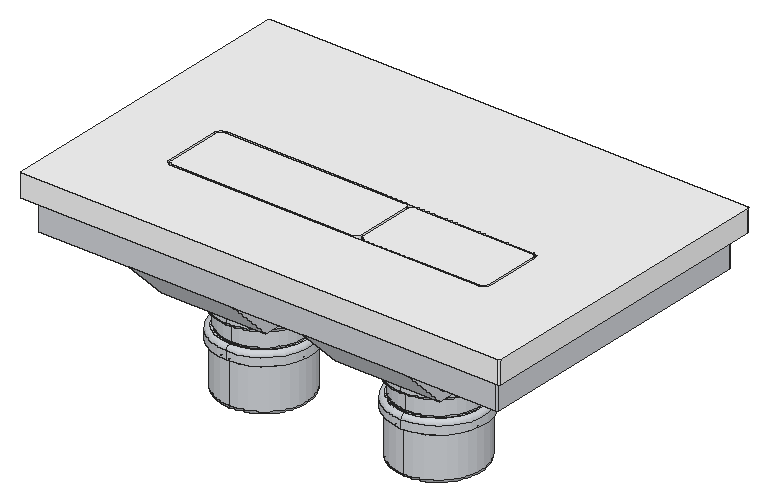
Revit family "Reece_Cistern Buttons_Hideaway_Plus_Cistern Button and Plate", category Plumbing Fixtures, host Face, Revit 2018
Family settings
  Host = Face
  Round Connector Dimension = Use Diameter
  Part Type = Normal
  Cut with Voids When Loaded = No
  Shared = Yes
  Room Calculation Point = Yes
Parameters (values of type "Chrome")
  Waste Connection = no
  WFU = 0  # constant formula
  Vent Connection = no
  URL = "https://www.reece.com.au/product/-1804856"
  Type Comments = "Cistern Buttons"
  Reece_Product_Web Page = "https://www.reece.com.au/product/-1804856"
  Reece_Product_Type = "Cistern Buttons"  # constant formula
  Reece_Product_Sub Brand = "Plus"  # constant formula
  Reece_Product_Number = "1804856"
  Reece_Product_Mount = "Wall Mounted"
  Reece_Product_Description = "Hideaway+ Rectangle Button / Plate Inwall Metal Chrome"
  Reece_Product_Brand = "Hideaway"  # constant formula
  Reece_Overall_Width = 240 mm  # constant formula
  Reece_Overall_Height = 156 mm  # constant formula
  Reece_Material_Main = Reece_Brass_Chrome
  Reece_Detail_Shape = ""
  Reece_Detail_Disclaimer = "THIS FILE IS THE PROPERTY OF THE REECE GROUP. IT MAY NOT BE REPRODUCED, REVERSE-ENGINEERED, OR MODIFIED. ANY REPUBLICATION, TRANSMISSION, OR DISTRIBUTION FOR THE PURPOSE OF COMMERCIALLY EXPLOITING THE FILES IS PROHIBITED."  # constant formula
  Reece_Detail_Additional = "Cistern Button / Plate"  # constant formula
  Model = "Plus"
  Manufacturer = "Hideaway"
  Keynote = "Product #1804856, Reece_Cistern Buttons_Hideaway_Plus_Cistern Button and Plate - Chrome"
  HWFU = 0  # constant formula
  HW Connection = no
  Disclaimer = "THIS FILE IS THE PROPERTY OF THE REECE GROUP. IT MAY NOT BE REPRODUCED, REVERSE-ENGINEERED, OR MODIFIED. ANY REPUBLICATION, TRANSMISSION, OR DISTRIBUTION FOR THE PURPOSE OF COMMERCIALLY EXPLOITING THE FILES IS PROHIBITED."  # constant formula
  Description = "Hideaway+ Rectangle Button / Plate Inwall Metal Chrome"
  Default Elevation = 1000 mm
  CWFU = 0  # constant formula
  CW Connection = no
Types (6, lengths in mm): name | URL | Reece_Product_Web Page | Reece_Product_Number | Reece_Product_Description | Reece_Material_Main | Keynote | Description
  Brushed Gold | "https://www.reece.com.au/product/-1804859" | "https://www.reece.com.au/product/-1804859" | "1804859" | "Hideaway+ Rectangle Button / Plate Inwall Metal Brushed Gold" | Reece_Metal_Brushed_Gold | "Product #1804859, Reece_Cistern Buttons_Hideaway_Plus_Cistern Button and Plate - Brushed Gold" | "Hideaway+ Rectangle Button / Plate Inwall Metal Brushed Gold"
  Brushed Nickel | "https://www.reece.com.au/product/-1804858" | "https://www.reece.com.au/product/-1804858" | "1804858" | "Hideaway+ Rectangle Button / Plate Inwall Metal Brushed Nickel" | Reece_Brass_Brushed Nickel | "Product #1804858, Reece_Cistern Buttons_Hideaway_Plus_Cistern Button and Plate - Brushed Nickel" | "Hideaway+ Rectangle Button / Plate Inwall Metal Brushed Nickel"
  Chrome | "https://www.reece.com.au/product/-1804856" | "https://www.reece.com.au/product/-1804856" | "1804856" | "Hideaway+ Rectangle Button / Plate Inwall Metal Chrome" | Reece_Brass_Chrome | "Product #1804856, Reece_Cistern Buttons_Hideaway_Plus_Cistern Button and Plate - Chrome" | "Hideaway+ Rectangle Button / Plate Inwall Metal Chrome"
  Matte Black | "https://www.reece.com.au/product/-1804857" | "https://www.reece.com.au/product/-1804857" | "1804857" | "Hideaway+ Rectangle Button / Plate Inwall Metal Matte Black" | Reece_Brass_Matte Black | "Product #1804857, Reece_Cistern Buttons_Hideaway_Plus_Cistern Button and Plate - Matte Black" | "Hideaway+ Rectangle Button / Plate Inwall Metal Matte Black"
  Brushed Gunmetal | "https://www.reece.com.au/product/-1804992" | "https://www.reece.com.au/product/-1804992" | "1804992" | "Hideaway+ Rectangle Button / Plate Inwall Metal Brushed Gunmetal" | Reece_Brass_Brushed Gunmetal | "Product #1804992, Reece_Cistern Buttons_Hideaway_Plus_Cistern Button and Plate - Brushed Gunmetal" | "Hideaway+ Rectangle Button / Plate Inwall Metal Brushed Gunmetal"
  Brushed Brass | "https://www.reece.com.au/product/-1805749" | "https://www.reece.com.au/product/-1805749" | "1805749" | "Hideaway+ Rectangle Metal Button Brushed Brass" | Reece_Metal_Brushed Brass | "Product #1805749, Reece_Cistern Buttons_Hideaway_Plus_Cistern Button and Plate - Brushed Brass" | "Hideaway+ Rectangle Metal Button Brushed Brass"
Reference planes
  plane 1 "Center (Front/Back)": y = 0
  plane 2 "Bottom": z = 0
  plane 3 "Center (Left/Right)": x = 0
  plane 4 "Top": z = 11
  plane 5: x = -120
  plane 6: x = 120
  plane 7: y = 78
  plane 8: y = -78
  plane 9: z = -94.2
  plane 10 "Botton1": x = 43.665
  plane 11 "Botton2": x = -43.665
  plane 12: x = -115
  plane 13: x = 115
  plane 14: y = -73
  plane 15: y = 73
Forms (mm)
  Extrusion 1, solid, material "Reece_Brass_Chrome" <- "Reece_Material_Main"
    sketch origin (0, 0, 0) x (1, 0, 0) y (0, 1, 0)
      loop
        arc (-119.2, 78) -> (-119.766, 77.766) -> (-120, 77.2) r 0.8
        line (-120, 77.2) -> (-120, -77.2)
        arc (-120, -77.2) -> (-119.766, -77.766) -> (-119.2, -78) r 0.8
        line (-119.2, -78) -> (119.2, -78)
        arc (119.2, -78) -> (119.766, -77.766) -> (120, -77.2) r 0.8
        line (120, -77.2) -> (120, 77.2)
        arc (120, 77.2) -> (119.766, 77.766) -> (119.2, 78) r 0.8
        line (119.2, 78) -> (-119.2, 78)
    from 0 to 11
  Extrusion 2, void
    sketch origin (0, 0, 0) x (1, 0, 0) y (0, 1, 0)
      loop
        line (-76.897, -36.072) -> (12.863, -36.072)
        arc (12.863, -36.072) -> (14.702, -35.311) -> (15.463, -33.472) r 2.6
        line (15.463, -33.472) -> (15.463, -6.126)
        arc (15.463, -6.126) -> (14.702, -4.288) -> (12.863, -3.526) r 2.6
        line (12.863, -3.526) -> (-76.943, -3.526)
        arc (-76.943, -3.526) -> (-78.749, -4.274) -> (-79.497, -6.081) r 2.554
        line (-79.497, -6.081) -> (-79.497, -33.472)
        arc (-79.497, -33.472) -> (-78.736, -35.311) -> (-76.897, -36.072) r 2.6
      loop
        arc (19.195, -3.526) -> (17.357, -4.288) -> (16.595, -6.126) r 2.6
        line (16.595, -6.126) -> (16.595, -33.472)
        arc (16.595, -33.472) -> (17.357, -35.311) -> (19.195, -36.072) r 2.6
        line (19.195, -36.072) -> (76.332, -36.072)
        arc (76.332, -36.072) -> (78.171, -35.311) -> (78.932, -33.472) r 2.6
        line (78.932, -33.472) -> (78.932, -6.126)
        arc (78.932, -6.126) -> (78.171, -4.288) -> (76.332, -3.526) r 2.6
        line (76.332, -3.526) -> (19.195, -3.526)
      loop
        line (17.991, -2.526) -> (-76.943, -2.526)
        arc (-76.943, -2.526) -> (-79.456, -3.567) -> (-80.497, -6.081) r 3.554
        line (-80.497, -6.081) -> (-80.497, -33.472)
        arc (-80.497, -33.472) -> (-79.443, -36.018) -> (-76.897, -37.072) r 3.6
        line (-76.897, -37.072) -> (1.936, -37.072) -> (76.332, -37.072)
        arc (76.332, -37.072) -> (78.878, -36.018) -> (79.932, -33.472) r 3.6
        line (79.932, -33.472) -> (79.932, -6.126)
        arc (79.932, -6.126) -> (78.878, -3.581) -> (76.332, -2.526) r 3.6
        line (76.332, -2.526) -> (17.991, -2.526)
    from 9.384 to 11
  Extrusion 3, void
    sketch origin (0, -1, 0) x (1, 0, 0) y (0, 1, 0)
      loop
        arc (-114.2, 74) -> (-114.766, 73.766) -> (-115, 73.2) r 0.8
        line (-115, 73.2) -> (-115, -71.2)
        arc (-115, -71.2) -> (-114.766, -71.766) -> (-114.2, -72) r 0.8
        line (-114.2, -72) -> (114.2, -72)
        arc (114.2, -72) -> (114.766, -71.766) -> (115, -71.2) r 0.8
        line (115, -71.2) -> (115, 73.2)
        arc (115, 73.2) -> (114.766, 73.766) -> (114.2, 74) r 0.8
        line (114.2, 74) -> (-114.2, 74)
    from 5.484 to -94.2
  Extrusion 4, solid
    sketch origin (2.5, 0, 0) x (1, 0, 0) y (0, 1, 0)
      loop
        line (-107.5, 63) -> (-107.5, -63) -> (-98.278, -63) -> (-98.278, -37.463) -> (-83.91, -12.576) -> (-83.91, 63) -> (-107.5, 63)
    from -15.736 to -8.281
  Extrusion 5, solid
    sketch origin (0, 0.016, 0) x (1, 0, 0) y (0, 1, 0)
      loop
        arc (-114.2, 72.984) -> (-114.766, 72.75) -> (-115, 72.184) r 0.8
        line (-115, 72.184) -> (-115, -72.216)
        arc (-115, -72.216) -> (-114.766, -72.781) -> (-114.2, -73.016) r 0.8
        line (-114.2, -73.016) -> (114.2, -73.016)
        arc (114.2, -73.016) -> (114.766, -72.781) -> (115, -72.216) r 0.8
        line (115, -72.216) -> (115, 72.184)
        arc (115, 72.184) -> (114.766, 72.75) -> (114.2, 72.984) r 0.8
        line (114.2, 72.984) -> (-114.2, 72.984)
      loop
        line (-105, -63.016) -> (105, -63.016) -> (105, 62.984) -> (-105, 62.984) -> (-105, -63.016)
    from 0 to -15.736
  Extrusion 6, void
    sketch origin (5.625, 0, 0) x (1, 0, 0) y (0, 1, 0)
      loop
        circle (-99.022, 2.683) r 10
    from -15.736 to -8.281
  Extrusion 7, solid
    sketch origin (-2.5, 0, 0) x (-1, 0, 0) y (0, -1, 0)
      loop
        line (-107.5, -63) -> (-83.91, -63) -> (-83.91, 12.576) -> (-98.278, 37.463) -> (-98.278, 63) -> (-107.5, 63) -> (-107.5, -63)
    from -15.736 to -8.281
  Extrusion 8, void
    sketch origin (-5.625, 0, 0) x (-1, 0, 0) y (0, -1, 0)
      loop
        circle (-99.022, -2.683) r 10
    from -15.736 to -8.281
  Extrusion 9, solid
    sketch origin (0, 1.223, -5) x (0, 1, 0) y (0, 0, -1)
      loop
        line (71.777, 0) -> (71.777, 18.346)
        arc (71.777, 18.346) -> (71.075, 20.274) -> (69.298, 21.3) r 3
        line (69.298, 21.3) -> (11.403, 31.509) -> (-53.45, 31.509) -> (-74.223, 10.736) -> (-74.223, 0) -> (-67.394, 0) -> (-67.394, 11.907) -> (-51.793, 27.509) -> (10.253, 27.509) -> (66.771, 17.543) -> (66.771, 0) -> (71.777, 0)
    from -69.559 to -17.5
  Extrusion 10, void
    sketch origin (-3.75, 2.5, -5) x (1, 0, 0) y (0, 1, 0)
      loop
        circle (47.658, -23.239) r 23
    from -43.489 to -19.227
  Revolve 11, solid
    sketch origin (43.665, -4572, -94.015) x (0, 0, -1) y (0, -1, 0)
      loop
        line (-55.323, -4577.356) -> (-55.323, -4574.856) -> (-49.188, -4574.856)
        arc (-49.188, -4574.856) -> (-48.834, -4574.71) -> (-48.688, -4574.356) r 0.5
        line (-48.688, -4574.356) -> (-48.688, -4571.714) -> (-39.509, -4571.714)
        arc (-39.509, -4571.714) -> (-39.13, -4571.549) -> (-38.991, -4571.161) r 0.519
        line (-38.991, -4571.161) -> (-38.991, -4572.491)
        arc (-38.991, -4572.491) -> (-38.345, -4574.061) -> (-36.781, -4574.72) r 2.229
        line (-36.781, -4574.72) -> (-32.906, -4574.754) -> (-32.906, -4573.959)
        arc (-32.906, -4573.959) -> (-32.605, -4573.232) -> (-31.878, -4572.931) r 1.028
        line (-31.878, -4572.931) -> (-11.534, -4572.931)
        arc (-11.534, -4572.931) -> (-10.736, -4572.6) -> (-10.406, -4571.802) r 1.128
        line (-10.406, -4571.802) -> (-10.406, -4551.374) -> (-69.285, -4551.374) -> (-69.285, -4571.714) -> (-57.094, -4571.714) -> (-57.094, -4577.356) -> (-55.323, -4577.356)
      axis (-69.285, -4551.374) -> (-10.406, -4551.374)
    angle from 0 to 360
  Extrusion 12, solid
    sketch origin (0, 1.223, -5) x (0, 1, 0) y (0, 0, 1)
      loop
        line (71.777, 0) -> (66.771, 0) -> (66.771, -17.543) -> (10.253, -27.509) -> (-51.793, -27.509) -> (-67.394, -11.907) -> (-67.394, 0) -> (-74.223, 0) -> (-74.223, -10.736) -> (-53.45, -31.509) -> (11.403, -31.509) -> (69.298, -21.3)
        arc (69.298, -21.3) -> (71.075, -20.274) -> (71.777, -18.346) r 3
        line (71.777, -18.346) -> (71.777, 0)
    from -69.559 to -17.5
  Extrusion 13, void
    sketch origin (3.75, 2.5, -5) x (-1, 0, 0) y (0, -1, 0)
      loop
        circle (47.658, 23.239) r 23
    from -43.489 to -19.227
  Revolve 14, solid
    sketch origin (-43.665, -4572, -94.015) x (0, 0, -1) y (0, -1, 0)
      loop
        line (-55.323, -4577.356) -> (-55.323, -4574.856) -> (-49.188, -4574.856)
        arc (-49.188, -4574.856) -> (-48.834, -4574.71) -> (-48.688, -4574.356) r 0.5
        line (-48.688, -4574.356) -> (-48.688, -4571.714) -> (-39.509, -4571.714)
        arc (-39.509, -4571.714) -> (-39.13, -4571.549) -> (-38.991, -4571.161) r 0.519
        line (-38.991, -4571.161) -> (-38.991, -4572.491)
        arc (-38.991, -4572.491) -> (-38.345, -4574.061) -> (-36.781, -4574.72) r 2.229
        line (-36.781, -4574.72) -> (-32.906, -4574.754) -> (-32.906, -4573.959)
        arc (-32.906, -4573.959) -> (-32.605, -4573.232) -> (-31.878, -4572.931) r 1.028
        line (-31.878, -4572.931) -> (-11.534, -4572.931)
        arc (-11.534, -4572.931) -> (-10.736, -4572.6) -> (-10.406, -4571.802) r 1.128
        line (-10.406, -4571.802) -> (-10.406, -4551.374) -> (-69.285, -4551.374) -> (-69.285, -4571.714) -> (-57.094, -4571.714) -> (-57.094, -4577.356) -> (-55.323, -4577.356)
      axis (-69.285, -4551.374) -> (-10.406, -4551.374)
    angle from 0 to 360
  Revolve 15, solid
    sketch origin (-43.665, -4572, -94.015) x (0, 0, -1) y (0, -1, 0)
      loop
        line (0.193, -4571.432) -> (0.193, -4552.637)
        arc (0.193, -4552.637) -> (-1.755, -4547.94) -> (-6.455, -4545.999) r 6.638
        line (-6.455, -4545.999) -> (-6.455, -4571.999) -> (-0.375, -4571.999)
        arc (-0.375, -4571.999) -> (0.026, -4571.833) -> (0.193, -4571.432) r 0.568
      axis (-6.455, -4545.999) -> (-6.455, -4571.999)
    angle from 0 to 360
  Revolve 16, solid
    sketch origin (-43.665, -4581.376, 106.095) x (0, 0, 1) y (0, -1, 0)
      loop
        line (-194.945, -4585.804) -> (-194.945, -4580.683) -> (-200.11, -4580.683) -> (-200.11, -4582.642)
        arc (-200.11, -4582.642) -> (-199.961, -4583) -> (-199.604, -4583.148) r 0.506
        line (-199.604, -4583.148) -> (-198.512, -4583.148) -> (-198.512, -4584.033) -> (-199.944, -4584.033) -> (-199.944, -4585.804) -> (-194.945, -4585.804)
      axis (-194.945, -4580.683) -> (-194.945, -4585.804)
    angle from 0 to 360
  Revolve 17, void
    sketch origin (-43.682, -4572, 105.678) x (0, 0, 1) y (0, -1, 0)
      loop
        line (-194.543, -4577.318) -> (-194.543, -4566.39) -> (-197.822, -4566.39) -> (-197.822, -4577.318) -> (-194.543, -4577.318)
      axis (-194.543, -4566.39) -> (-194.543, -4577.318)
    angle from 0 to 360
  Revolve 18, solid
    sketch origin (43.665, -4572, -94.015) x (0, 0, -1) y (0, -1, 0)
      loop
        line (0.193, -4571.432) -> (0.193, -4552.637)
        arc (0.193, -4552.637) -> (-1.755, -4547.94) -> (-6.455, -4545.999) r 6.638
        line (-6.455, -4545.999) -> (-6.455, -4571.999) -> (-0.375, -4571.999)
        arc (-0.375, -4571.999) -> (0.026, -4571.833) -> (0.193, -4571.432) r 0.568
      axis (-6.455, -4545.999) -> (-6.455, -4571.999)
    angle from 0 to 360
  Revolve 19, solid
    sketch origin (43.665, -4572, -94.015) x (0, 0, -1) y (0, -1, 0)
      loop
        line (-5.165, -4576.428) -> (-0.166, -4576.428) -> (-0.166, -4574.658) -> (-1.598, -4574.658) -> (-1.598, -4573.772) -> (-0.506, -4573.772)
        arc (-0.506, -4573.772) -> (-0.149, -4573.624) -> (0, -4573.266) r 0.506
        line (0, -4573.266) -> (0, -4571.308) -> (-5.165, -4571.308) -> (-5.165, -4576.428)
      axis (-5.165, -4571.308) -> (-5.165, -4576.428)
    angle from 0 to 360
  Revolve 20, void
    sketch origin (43.682, -4572, 105.678) x (0, 0, 1) y (0, -1, 0)
      loop
        line (-194.543, -4577.318) -> (-194.543, -4566.39) -> (-197.822, -4566.39) -> (-197.822, -4577.318) -> (-194.543, -4577.318)
      axis (-194.543, -4566.39) -> (-194.543, -4577.318)
    angle from 0 to 360
  Revolve 21, solid
    sketch origin (43.665, -4572, -94.015) x (0, 0, -1) y (0, -1, 0)
      loop
        line (-61.466, -4551.015) -> (-61.466, -4543.706) -> (-87.727, -4543.706)
        arc (-87.727, -4543.706) -> (-92.785, -4545.866) -> (-94.72, -4551.015) r 7
        line (-94.72, -4551.015) -> (-61.466, -4551.015)
      axis (-94.72, -4551.015) -> (-61.466, -4551.015)
    angle from 0 to 360
  Revolve 22, solid
    sketch origin (-43.665, -4572, -94.015) x (0, 0, -1) y (0, -1, 0)
      loop
        line (-61.466, -4551.015) -> (-61.466, -4543.706) -> (-87.727, -4543.706)
        arc (-87.727, -4543.706) -> (-92.785, -4545.866) -> (-94.72, -4551.015) r 7
        line (-94.72, -4551.015) -> (-61.466, -4551.015)
      axis (-94.72, -4551.015) -> (-61.466, -4551.015)
    angle from 0 to 360
  Extrusion 23, void
    sketch origin (4, 0, -94.673) x (1, 0, 0) y (0, 1, 0)
      loop
        arc (-118.2, 73) -> (-118.766, 72.766) -> (-119, 72.2) r 0.8
        line (-119, 72.2) -> (-119, -72.2)
        arc (-119, -72.2) -> (-118.766, -72.766) -> (-118.2, -73) r 0.8
        line (-118.2, -73) -> (110.2, -73)
        arc (110.2, -73) -> (110.766, -72.766) -> (111, -72.2) r 0.8
        line (111, -72.2) -> (111, 72.2)
        arc (111, 72.2) -> (110.766, 72.766) -> (110.2, 73) r 0.8
        line (110.2, 73) -> (-118.2, 73)
    from 94.673 to 0.473
Cuts and joins
  Extrusion 2, Extrusion 8 cuts Extrusion 1
  Extrusion 6, Extrusion 8 cuts Extrusion 4
  Extrusion 8 cuts Extrusion 7
  Extrusion 10, Extrusion 13 cuts Extrusion 5
  Extrusion 10, Extrusion 13 cuts Extrusion 9
  Extrusion 13 cuts Revolve 11
  Extrusion 13 cuts Extrusion 12
  Revolve 17 cuts Revolve 15
  Revolve 17 cuts Revolve 16
  Revolve 20 cuts Revolve 18
  Revolve 20 cuts Revolve 19
  joined: Extrusion 5, Extrusion 9, Revolve 11, Extrusion 12, Revolve 14, Revolve 15, Revolve 16, Revolve 18, Revolve 19, Revolve 21, Revolve 22
Text (mm)
  text "Reece Copyright © 2018, Reece Ltd." at (60.751, -237.255, 0), in view "Ref. Level"
  text "Reece ©" at (42.688, 193.041, 128.132), in view "Reece Preview"
Dimensions and locks
  "Reece_Overall_Width": plane 5 to plane 6
  "Reece_Overall_Height": plane 8 to plane 7
  plane 4 "Top" to host face = 11 mm  (x3)
  plane 7 to plane 8 = 156 mm
  plane 2 "Bottom" to plane 9 = 94.2 mm  (x2)
  host face to plane 9 = 94.2 mm
  plane 6 to plane 5 = 240 mm
  plane 5 to plane 6 = 240 mm
  host face to plane 4 "Top" = 11 mm
  plane 9 to plane 2 "Bottom" = 94.2 mm
  plane 8 to plane 7 = 156 mm
  locked: plane 13 to plane 6 at 5
  locked: plane 5 to plane 12 at 5
  locked: plane 7 to plane 15 at 5
  locked: plane 8 to plane 14 at 5
  aligned and locked: plane 2 "Bottom" to host face
  aligned and locked: level to host face
  aligned and locked: plane 5 to Extrusion 1 sketch curve
  aligned and locked: Extrusion 1 sketch curve to plane 8
  aligned and locked: Extrusion 1 sketch curve to plane 7
  aligned and locked: plane 6 to Extrusion 1 sketch curve
  aligned and locked: plane 4 "Top" to Extrusion 1
  aligned and locked: plane 4 "Top" to Extrusion 2
  aligned and locked: Extrusion 23 to plane 9
  aligned and locked: level to Extrusion 23
  aligned and locked: Extrusion 23 to cut or joined group 1 (Extrusion 5, Extrusion 9, Extrusion 10, Revolve 11, Extrusion 12, Extrusion 13, Revolve 14, Revolve 15, Revolve 16, Revolve 17, Revolve 18, Revolve 19, Revolve 20, Revolve 21, Revolve 22)  (x3)
  aligned and locked: cut or joined group 1 to Extrusion 23
Automatic sketch dimensions
  host sketch curve to host sketch curve = 380.785 mm
  host sketch curve to host sketch curve = 317.421 mm
  plane 5 to Extrusion 1 sketch curve = 0.8 mm
  Extrusion 1 sketch curve to Extrusion 1 sketch curve = 0.8 mm
  plane 6 to Extrusion 1 sketch curve = 0.8 mm  (x2)
  Extrusion 2 sketch curve to Extrusion 2 sketch curve = 0 mm  (x8)
  Extrusion 2 sketch curve to plane 12 = 34.503 mm
  Extrusion 2 sketch curve to Extrusion 2 sketch curve = 1 mm  (x2)
  Extrusion 2 sketch curve to Extrusion 2 sketch curve = 2.554 mm
  Extrusion 2 sketch curve to Extrusion 2 sketch curve = 2.6 mm  (x4)
  plane 3 "Center (Left/Right)" to Extrusion 2 sketch curve = 1.936 mm
  plane 1 "Center (Front/Back)" to Extrusion 2 sketch curve = 6.126 mm  (x2)
  plane 3 "Center (Left/Right)" to Extrusion 2 sketch curve = 12.863 mm
  Extrusion 2 sketch curve to Extrusion 2 sketch curve = 10.927 mm
  Extrusion 2 sketch curve to Extrusion 2 sketch curve = 1.132 mm
  Extrusion 2 sketch curve to Extrusion 2 sketch curve = 1.396 mm
  Extrusion 2 sketch curve to plane 10 "Botton1" = 32.667 mm
  Extrusion 2 sketch curve to Extrusion 2 sketch curve = 3.6 mm
  Extrusion 2 sketch curve to Extrusion 2 sketch curve = 27.392 mm
  Extrusion 3 sketch curve to plane 12 = 0 mm
  plane 14 to Extrusion 3 sketch curve = 0 mm
  Extrusion 3 sketch curve to plane 15 = 0 mm
  Extrusion 3 sketch curve to plane 13 = 0 mm
  Extrusion 3 sketch curve to plane 12 = 0.8 mm
  Extrusion 3 sketch curve to Extrusion 3 sketch curve = 0.8 mm
  Extrusion 3 sketch curve to plane 13 = 0.8 mm  (x2)
  Extrusion 4 sketch curve to plane 12 = 10 mm
  Extrusion 4 sketch curve to Extrusion 4 sketch curve = 9.222 mm
  Extrusion 4 sketch curve to plane 15 = 10 mm
  Extrusion 4 sketch curve to Extrusion 4 sketch curve = 23.59 mm
  plane 1 "Center (Front/Back)" to Extrusion 4 sketch curve = 12.576 mm
  Extrusion 4 sketch curve to Extrusion 4 sketch curve = 24.887 mm
  Extrusion 4 sketch curve to plane 14 = 10 mm
  Extrusion 5 sketch curve to plane 12 = 0 mm
  plane 14 to Extrusion 5 sketch curve = 0 mm
  Extrusion 5 sketch curve to plane 15 = 0 mm
  Extrusion 5 sketch curve to plane 13 = 0 mm
  Extrusion 5 sketch curve to plane 12 = 0.8 mm  (x2)
  Extrusion 5 sketch curve to plane 12 = 10 mm
  Extrusion 5 sketch curve to plane 13 = 10 mm
  Extrusion 5 sketch curve to Extrusion 5 sketch curve = 0.8 mm
  Extrusion 5 sketch curve to plane 13 = 0.8 mm
  Extrusion 5 sketch curve to plane 14 = 10 mm
  Extrusion 5 sketch curve to plane 15 = 10 mm
  Extrusion 6 sketch curve to plane 1 "Center (Front/Back)" = 2.683 mm
  Extrusion 6 sketch curve to plane 12 = 21.603 mm
  plane 13 to Extrusion 7 sketch curve = 10 mm
  Extrusion 7 sketch curve to Extrusion 7 sketch curve = 9.222 mm
  plane 15 to Extrusion 7 sketch curve = 10 mm
  Extrusion 7 sketch curve to Extrusion 7 sketch curve = 23.59 mm
  Extrusion 7 sketch curve to plane 1 "Center (Front/Back)" = 12.576 mm
  Extrusion 7 sketch curve to Extrusion 7 sketch curve = 24.887 mm
  plane 14 to Extrusion 7 sketch curve = 10 mm
  plane 1 "Center (Front/Back)" to Extrusion 8 sketch curve = 2.683 mm
  plane 13 to Extrusion 8 sketch curve = 21.603 mm
  Extrusion 9 sketch curve to plane 14 = 0 mm
  Extrusion 9 sketch curve to plane 15 = 0 mm
  Extrusion 9 sketch curve to plane 14 = 6.828 mm
  Extrusion 9 sketch curve to plane 14 = 20.773 mm
  Extrusion 9 sketch curve to Extrusion 9 sketch curve = 1.657 mm
  Extrusion 9 sketch curve to plane 1 "Center (Front/Back)" = 11.476 mm
  Extrusion 9 sketch curve to Extrusion 9 sketch curve = 1.15 mm
  Extrusion 9 sketch curve to Extrusion 9 sketch curve = 5.007 mm
  Extrusion 9 sketch curve to Extrusion 9 sketch curve = 2.007 mm
  Extrusion 9 sketch curve to plane 15 = 2.479 mm
  Extrusion 9 sketch curve to level = 5 mm  (x2)
  Extrusion 9 sketch curve to Extrusion 9 sketch curve = 10.736 mm
  Extrusion 9 sketch curve to Extrusion 9 sketch curve = 1.172 mm
  Extrusion 9 sketch curve to Extrusion 9 sketch curve = 17.543 mm
  Extrusion 9 sketch curve to Extrusion 9 sketch curve = 0.803 mm
  Extrusion 9 sketch curve to Extrusion 9 sketch curve = 15.601 mm
  Extrusion 9 sketch curve to Extrusion 9 sketch curve = 4 mm
  Extrusion 10 sketch curve to plane 10 "Botton1" = 0.243 mm
  plane 1 "Center (Front/Back)" to Extrusion 10 sketch curve = 20.739 mm
  plane 1 "Center (Front/Back)" to Revolve 11 sketch curve = 0.286 mm  (x2)
  Revolve 11 sketch curve to level = 24.73 mm
  Revolve 11 sketch curve to plane 1 "Center (Front/Back)" = 5.356 mm
  Revolve 11 sketch curve to Revolve 11 sketch curve = 12.191 mm
  Revolve 11 sketch curve to Revolve 11 sketch curve = 1.771 mm
  Revolve 11 sketch curve to plane 1 "Center (Front/Back)" = 2.356 mm
  Revolve 11 sketch curve to Revolve 11 sketch curve = 6.135 mm
  Revolve 11 sketch curve to Revolve 11 sketch curve = 0.5 mm
  plane 1 "Center (Front/Back)" to Revolve 11 sketch curve = 0.805 mm
  Revolve 11 sketch curve to Revolve 11 sketch curve = 9.179 mm
  Revolve 11 sketch curve to plane 1 "Center (Front/Back)" = 0.491 mm
  Revolve 11 sketch curve to Revolve 11 sketch curve = 0.518 mm
  Revolve 11 sketch curve to plane 1 "Center (Front/Back)" = 2.72 mm
  Revolve 11 sketch curve to Revolve 11 sketch curve = 2.21 mm
  Revolve 11 sketch curve to Revolve 11 sketch curve = 3.875 mm
  Revolve 11 sketch curve to plane 1 "Center (Front/Back)" = 0.931 mm
  Revolve 11 sketch curve to Revolve 11 sketch curve = 1.028 mm
  plane 1 "Center (Front/Back)" to Revolve 11 sketch curve = 0.198 mm
  plane 9 to Revolve 11 sketch curve = 11.72 mm
  Revolve 11 sketch curve to Revolve 11 sketch curve = 0.795 mm
  Revolve 11 sketch curve to Revolve 11 sketch curve = 20.428 mm
  level to Revolve 11 sketch curve = 3.989 mm
  Revolve 11 sketch curve to Revolve 11 sketch curve = 12.597 mm
  Revolve 11 sketch curve to Revolve 11 sketch curve = 0 mm
  Extrusion 12 sketch curve to plane 14 = 0 mm
  Extrusion 12 sketch curve to plane 15 = 0 mm
  Extrusion 12 sketch curve to plane 14 = 6.828 mm
  Extrusion 12 sketch curve to plane 14 = 20.773 mm
  Extrusion 12 sketch curve to Extrusion 12 sketch curve = 1.657 mm
  Extrusion 12 sketch curve to plane 1 "Center (Front/Back)" = 11.476 mm
  Extrusion 12 sketch curve to Extrusion 12 sketch curve = 1.15 mm
  Extrusion 12 sketch curve to Extrusion 12 sketch curve = 5.007 mm
  Extrusion 12 sketch curve to Extrusion 12 sketch curve = 2.007 mm
  Extrusion 12 sketch curve to plane 15 = 2.479 mm
  Extrusion 12 sketch curve to level = 36.509 mm
  Extrusion 12 sketch curve to Extrusion 12 sketch curve = 4 mm
  Extrusion 12 sketch curve to level = 26.3 mm
  Extrusion 12 sketch curve to Extrusion 12 sketch curve = 0.803 mm
  Extrusion 12 sketch curve to level = 16.907 mm
  Extrusion 12 sketch curve to Extrusion 12 sketch curve = 1.172 mm
  Extrusion 12 sketch curve to level = 5 mm  (x2)
  Extrusion 13 sketch curve to plane 11 "Botton2" = 0.243 mm
  plane 1 "Center (Front/Back)" to Extrusion 13 sketch curve = 20.739 mm
  Revolve 14 sketch curve to plane 1 "Center (Front/Back)" = 0.286 mm  (x2)
  level to Revolve 14 sketch curve = 24.73 mm
  plane 1 "Center (Front/Back)" to Revolve 14 sketch curve = 5.356 mm
  Revolve 14 sketch curve to Revolve 14 sketch curve = 12.191 mm
  Revolve 14 sketch curve to Revolve 14 sketch curve = 1.771 mm
  plane 1 "Center (Front/Back)" to Revolve 14 sketch curve = 2.356 mm
  Revolve 14 sketch curve to Revolve 14 sketch curve = 6.135 mm
  Revolve 14 sketch curve to Revolve 14 sketch curve = 0.5 mm
  Revolve 14 sketch curve to plane 1 "Center (Front/Back)" = 0.805 mm
  Revolve 14 sketch curve to Revolve 14 sketch curve = 9.179 mm
  plane 1 "Center (Front/Back)" to Revolve 14 sketch curve = 0.491 mm
  Revolve 14 sketch curve to Revolve 14 sketch curve = 0.518 mm
  plane 1 "Center (Front/Back)" to Revolve 14 sketch curve = 2.72 mm
  Revolve 14 sketch curve to Revolve 14 sketch curve = 2.21 mm
  Revolve 14 sketch curve to Revolve 14 sketch curve = 3.875 mm
  plane 1 "Center (Front/Back)" to Revolve 14 sketch curve = 0.931 mm
  Revolve 14 sketch curve to Revolve 14 sketch curve = 1.028 mm
  Revolve 14 sketch curve to plane 1 "Center (Front/Back)" = 0.198 mm
  Revolve 14 sketch curve to plane 9 = 11.72 mm
  Revolve 14 sketch curve to Revolve 14 sketch curve = 0.795 mm
  Revolve 14 sketch curve to Revolve 14 sketch curve = 20.428 mm
  Revolve 14 sketch curve to level = 3.989 mm
  Revolve 14 sketch curve to Revolve 14 sketch curve = 12.597 mm
  Revolve 14 sketch curve to Revolve 14 sketch curve = 0 mm
  Revolve 15 sketch curve to plane 1 "Center (Front/Back)" = 0.001 mm
  Revolve 15 sketch curve to plane 9 = 6.64 mm
  Revolve 15 sketch curve to plane 9 = 6.631 mm
  Revolve 15 sketch curve to plane 9 = 0.56 mm
  plane 9 to Revolve 15 sketch curve = 0.007 mm
  Revolve 15 sketch curve to Revolve 15 sketch curve = 19.362 mm
  Revolve 15 sketch curve to Revolve 15 sketch curve = 0 mm
  plane 1 "Center (Front/Back)" to Revolve 15 sketch curve = 8.939 mm
  Revolve 15 sketch curve to Revolve 15 sketch curve = 3.688 mm
  plane 9 to Revolve 16 sketch curve = 0.186 mm
  plane 9 to Revolve 16 sketch curve = 0.352 mm
  Revolve 16 sketch curve to Revolve 16 sketch curve = 0.506 mm
  Revolve 16 sketch curve to Revolve 16 sketch curve = 1.091 mm
  plane 1 "Center (Front/Back)" to Revolve 16 sketch curve = 0.692 mm
  Revolve 16 sketch curve to Revolve 16 sketch curve = 3.567 mm
  Revolve 16 sketch curve to plane 1 "Center (Front/Back)" = 1.266 mm
  Revolve 16 sketch curve to Revolve 16 sketch curve = 0.885 mm
  Revolve 16 sketch curve to Revolve 16 sketch curve = 1.77 mm  (x2)
  Revolve 16 sketch curve to Revolve 16 sketch curve = 0 mm
  Revolve 16 sketch curve to Revolve 16 sketch curve = 3.874 mm
  Revolve 16 sketch curve to Revolve 16 sketch curve = 28.443 mm
  plane 9 to Revolve 17 sketch curve = 2.056 mm
  Revolve 17 sketch curve to Revolve 17 sketch curve = 3.28 mm
  Revolve 17 sketch curve to plane 1 "Center (Front/Back)" = 5.318 mm
  Revolve 17 sketch curve to Revolve 17 sketch curve = 0 mm
  plane 1 "Center (Front/Back)" to Revolve 17 sketch curve = 5.61 mm
  plane 9 to Revolve 17 sketch curve = 5.335 mm
  Revolve 17 sketch curve to Revolve 17 sketch curve = 26.071 mm
  Revolve 17 sketch curve to Revolve 17 sketch curve = 0.438 mm
  plane 1 "Center (Front/Back)" to Revolve 18 sketch curve = 0.001 mm
  plane 9 to Revolve 18 sketch curve = 6.64 mm
  plane 9 to Revolve 18 sketch curve = 6.631 mm
  plane 9 to Revolve 18 sketch curve = 0.56 mm
  Revolve 18 sketch curve to plane 9 = 0.007 mm
  Revolve 18 sketch curve to Revolve 18 sketch curve = 19.362 mm
  Revolve 18 sketch curve to Revolve 18 sketch curve = 0 mm
  Revolve 18 sketch curve to plane 1 "Center (Front/Back)" = 8.939 mm
  Revolve 18 sketch curve to Revolve 18 sketch curve = 3.688 mm
  plane 9 to Revolve 19 sketch curve = 5.35 mm
  plane 9 to Revolve 19 sketch curve = 1.783 mm
  plane 9 to Revolve 19 sketch curve = 0.692 mm
  plane 9 to Revolve 19 sketch curve = 0.352 mm
  plane 9 to Revolve 19 sketch curve = 0.186 mm
  Revolve 19 sketch curve to plane 1 "Center (Front/Back)" = 4.428 mm  (x2)
  Revolve 19 sketch curve to Revolve 19 sketch curve = 1.77 mm
  Revolve 19 sketch curve to Revolve 19 sketch curve = 0.885 mm
  plane 1 "Center (Front/Back)" to Revolve 19 sketch curve = 0.692 mm
  Revolve 19 sketch curve to Revolve 19 sketch curve = 0 mm
  Revolve 19 sketch curve to Revolve 19 sketch curve = 3.874 mm
  Revolve 19 sketch curve to Revolve 19 sketch curve = 28.443 mm
  Revolve 20 sketch curve to plane 9 = 2.056 mm
  Revolve 20 sketch curve to Revolve 20 sketch curve = 3.28 mm
  plane 1 "Center (Front/Back)" to Revolve 20 sketch curve = 5.318 mm
  Revolve 20 sketch curve to Revolve 20 sketch curve = 0 mm
  Revolve 20 sketch curve to plane 1 "Center (Front/Back)" = 5.61 mm
  Revolve 20 sketch curve to plane 9 = 5.335 mm
  Revolve 20 sketch curve to Revolve 20 sketch curve = 26.071 mm
  Revolve 20 sketch curve to Revolve 20 sketch curve = 0.438 mm
  level to Revolve 21 sketch curve = 0.705 mm
  Revolve 21 sketch curve to level = 6.288 mm
  Revolve 21 sketch curve to Revolve 21 sketch curve = 26.261 mm
  plane 1 "Center (Front/Back)" to Revolve 21 sketch curve = 20.985 mm
  Revolve 21 sketch curve to Revolve 21 sketch curve = 0.309 mm
  Revolve 21 sketch curve to Revolve 21 sketch curve = 3.793 mm
  Revolve 21 sketch curve to Revolve 21 sketch curve = 16.47 mm
  Revolve 21 sketch curve to Revolve 21 sketch curve = 0 mm
  Revolve 22 sketch curve to level = 0.705 mm
  level to Revolve 22 sketch curve = 6.288 mm
  Revolve 22 sketch curve to Revolve 22 sketch curve = 26.261 mm
  Revolve 22 sketch curve to plane 1 "Center (Front/Back)" = 20.985 mm
  Revolve 22 sketch curve to Revolve 22 sketch curve = 0.309 mm
  Revolve 22 sketch curve to Revolve 22 sketch curve = 3.793 mm
  Revolve 22 sketch curve to Revolve 22 sketch curve = 16.47 mm
  Revolve 22 sketch curve to Revolve 22 sketch curve = 0 mm
  Extrusion 23 sketch curve to plane 14 = 0.8 mm
  plane 5 to Extrusion 23 sketch curve = 5 mm
  Extrusion 23 sketch curve to Extrusion 23 sketch curve = 0.8 mm  (x2)
  plane 15 to Extrusion 23 sketch curve = 0 mm
  plane 11 "Botton2" to Extrusion 23 sketch curve = 157.865 mm  (x2)
  Extrusion 23 sketch curve to plane 15 = 0.8 mm
  radius of Extrusion 6 sketch curve = 10 mm
  radius of Extrusion 8 sketch curve = 10 mm
  radius of Extrusion 10 sketch curve = 23 mm
  radius of Extrusion 13 sketch curve = 23 mm
